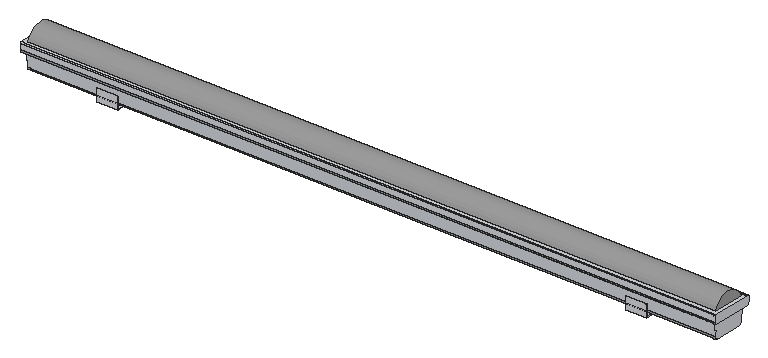
Revit family "0010274", category Lighting Fixtures, host Face, Revit 2017
Family settings
  Host = Face
  Round Connector Dimension = Use Diameter
  Part Type = Normal
  OmniClass Number = 23.80.70.00
  OmniClass Title = Lighting
  Cut with Voids When Loaded = No
  Light Source = Yes
  Shared = No
  Room Calculation Point = No
Parameters (values of type "0010274 RESISTO 1500 HE IP66 DALI 7100LM 840")
  Weight = "2.01 kg"
  Wattage Comments = ""
  Wattage = 46 W
  WarrantyStartDate [instance] = "n/a"
  WarrantyGuarantorParts = "n/a"
  WarrantyDurationUnit = "n/a"
  WarrantyDurationParts = "n/a"
  WarrantyDescription = "n/a"
  WIDTH_SYL = 44.5 mm
  built-in parameter 1150110 = 1 (stored number, unit not read)
  Voltage = 0 V
  URL = "http://www.sylvania-lighting.com"
  TypeName = "Resisto 1500 HE IP66 DALI 7100lm 840"
  Type Image = <None>
  Type Comments = "n/a"
  built-in parameter 1114217 = 1 (stored number, unit not read)
  Tilt Angle = -90.00°
  built-in parameter 1150109 = 1 (stored number, unit not read)
  built-in parameter 1150134 = 12
  TOP_WIDTH_SYL = 33.5 mm
  built-in parameter 1150113 = 1 (stored number, unit not read)
  SerialNumber [instance] = "n/a"
  Photometric Web File = "0010274.ies"
  Material_3_SYL = none
  PowerFactor = 0.98
  PowerConsumption = "46 W"
  NominalLength = 1500 mm
  NominalHeight = 80 mm
  NominalDepth = 87 mm
  Name = "Resisto 1500 HE IP66 DALI 7100lm 840"
  ModelReference = Name  # "Resisto 1500 HE IP66 DALI 7100lm 840"
  ModelNumber = "0010274"
  Model = Name  # "Resisto 1500 HE IP66 DALI 7100lm 840"
  Material = "pc polycarbonate housing, pc polycarbonate diffuser"
  ManufacturerName = "Feilo Sylvania"
  Manufacturer = "Feilo Sylvania"
  MID_WIDTH_SYL = 36 mm
  LuminousEfficacy = "154 lm/W"
  built-in parameter 1150105 = 2362.2 (stored number, unit not read)
  Lumens = 7084 lm
  LuminaireType = ""
  built-in parameter 1150115 = 1 (stored number, unit not read)
  LightOutputRatio = "n/a"
  built-in parameter 1150137 = (empty or 0)
  built-in parameter 1150139 = (empty or 0)
  LampsType = Lamp  # "LED"
  LampNominalLuminous = "7100 lm"
  LampMacAdamStep = "3"
  LampColourTemperature = "4000 K"
  LampColourRenderingIndex = "80"
  built-in parameter 1150112 = 1 (stored number, unit not read)
  built-in parameter 1150114 = 1 (stored number, unit not read)
  Lamp = "LED"
  LENGHT_SYL = if(L1500_SYL, 742 mm, if(L1200_SYL, 592 mm, 317 mm))  # 742 mm
  LENGHT_CHAMFER_SYL = if(L1500_SYL, 750 mm, if(L1200_SYL, 600 mm, 325 mm))  # 750 mm
  LENGHT_650_SYL = 325 mm
  LENGHT-_SYL = if(L1500_SYL, -742 mm, if(L1200_SYL, -592 mm, -317 mm))  # -742 mm
  LENGHT-_CHAMFER_SYL = if(L1500_SYL, -750 mm, if(L1200_SYL, -600 mm, -325 mm))  # -750 mm
  LEGHT_650-_SYL = -325 mm
  LEGHT_1500_SYL = 750 mm
  LEGHT_1500-_SYL = -750 mm
  LEGHT_1200_SYL = 600 mm
  LEGHT_1200-_SYL = -600 mm
  L0650_SYL = no
  L1500_SYL = yes
  L1200_SYL = no
  Keynote = "16500"
  InstallationDate [instance] = "n/a"
  InputVoltage = "n/a"
  InputNominalFrequency = "n/a"
  built-in parameter 1150132 = (empty or 0)
  built-in parameter 1150102 = (empty or 0)
  built-in parameter 1150107 = 4000 (stored number, unit not read)
  built-in parameter 1150138 = (empty or 0)
  IngressProtection = "IP66"
  ImpactProtectionIndex = "IK08"
  built-in parameter 1150106 = 23.622 (stored number, unit not read)
  IfcExportType = "IfcLightFixtureType"
  IfcExportAs = "IfcLightFixtureType"
  Emit from Circle Diameter = 609.6 mm
  Emit Shape Visible in Rendering = no
  ElectricShockClassification = "Class I"
  built-in parameter 1150104 = 14.307 (stored number, unit not read)
  DocumentationLiterature = "http://www.sylvania-lighting.com/product/en-int/products/0010274"
  DimmingControlOptions = "n/a"
  Material_2_SYL = none
  Dimming Lamp Color Temperature Shift = <None>
  Description = "Resisto, integrated LED weatherproof luminaire, with UV stabilized flat diffuser designed to achieve uniform lit appearance, optimise light output and to reduce glare. 301 stainless steel diffuser clips and fixing brackets for surface mounting. Polycarbonate housing and diffuser - no yellow discolouration over time. 7100lm; 46W; 154lm/W; 4000K; SDCM<3; DALI dimmable; CRI80; IP66; IK08; Class I; 69,000hrs (L80B20) lifespan; 1500mm x 89mm x 88mm; D-mark."
  Default Elevation = 1219.2 mm
  DIF_WIDHT_SYL = 35 mm
  DIF_HEIGHT_SYL = 24 mm
  CreatedOn = "3/10/2021"
  CreatedBy = "@sylvania-lighting.com"
  Cost = 0
  Color Filter = 16777215
  built-in parameter 1114216 [instance] = (empty or 0)
  ClassificationValue = "EF_70_80"
  ClassificationName = "Uniclass2015"
  Material_1_SYL = Default
  CHAMFER_SYL = 19 mm
  BarCode [instance] = "n/a"
  built-in parameter 1114218 = 1 (stored number, unit not read)
  BRACKET_WIDTH_SYL = BRACKET_DIST_SYL - 44 mm  # 550 mm
  BRACKET_HEIGHT_SYL = 9 mm
  BRACKET_DIST_SYL = LENGHT_CHAMFER_SYL - 156 mm  # 594 mm
  BODY_SYL = 36 mm
  built-in parameter 1150133 = 10 (stored number, unit not read)
  AssetType = "Fixed"
  AssetIdentifier [instance] = "n/a"
  Assembly Code = "D5020200"
  Apparent Load = 46 VA
  Material_4_SYL = none
Reference planes
  plane 1 "Center (Front/Back)": y = 0
  plane 2: z = 0
  plane 3 "Center (Left/Right)": x = 0
  plane 4: z = 9
  plane 5: z = 45
  plane 6: z = 64
  plane 7: z = 88
  plane 8: y = -44.5
  plane 9: y = 44.5
  plane 10: y = -35
  plane 11: y = 35
  plane 12: y = 33.5
  plane 13: y = -33.5
  plane 14: y = -36
  plane 15: y = 36
  plane 16: z = 1
Forms (mm)
  Extrusion 1, solid
    sketch origin (319, 1524, 1219.2) x (0, 1, 0) y (0, 0, 1)
      loop
        line (-1552.835, -1210.2) -> (-1495.165, -1210.2)
        arc (-1495.165, -1210.2) -> (-1491.754, -1208.856) -> (-1490.177, -1205.546) r 5
        line (-1490.177, -1205.546) -> (-1488.323, -1178.854) -> (-1488, -1174.2) -> (-1560, -1174.2) -> (-1559.677, -1178.854) -> (-1557.823, -1205.546)
        arc (-1557.823, -1205.546) -> (-1556.246, -1208.856) -> (-1552.835, -1210.2) r 5
    from -742 <- "LENGHT-_SYL" to 742 <- "LENGHT_SYL"
  Extrusion 2, solid, material "Default" <- "Material_1_SYL"
    sketch origin (319, 1524, 1219.2) x (0, 1, 0) y (0, 0, 1)
      loop
        arc (-1490.5, -1155.2) -> (-1524, -1131.2) -> (-1557.5, -1155.2) r 35.38
        line (-1557.5, -1155.2) -> (-1490.5, -1155.2)
    from -742 <- "LENGHT-_SYL" to 742 <- "LENGHT_SYL"
  Extrusion 3, solid
    sketch origin (319, 1524, 1219.2) x (0, 1, 0) y (0, 0, 1)
      loop
        line (-1481.5, -1155.2) -> (-1566.5, -1155.2)
        arc (-1566.5, -1155.2) -> (-1567.914, -1155.786) -> (-1568.5, -1157.2) r 2
        line (-1568.5, -1157.2) -> (-1568.5, -1169.2)
        arc (-1568.5, -1169.2) -> (-1567.036, -1172.736) -> (-1563.5, -1174.2) r 5
        line (-1563.5, -1174.2) -> (-1484.5, -1174.2)
        arc (-1484.5, -1174.2) -> (-1480.964, -1172.736) -> (-1479.5, -1169.2) r 5
        line (-1479.5, -1169.2) -> (-1479.5, -1157.2)
        arc (-1479.5, -1157.2) -> (-1480.086, -1155.786) -> (-1481.5, -1155.2) r 2
    from -750 <- "LENGHT-_CHAMFER_SYL" to 750 <- "LENGHT_CHAMFER_SYL"
  Extrusion 4, solid
    sketch origin (319, 1524, 1219.2) x (0, 1, 0) y (0, 0, 1)
      loop
        line (-1489, -1219.2) -> (-1489, -1192.216) -> (-1490.5, -1192.216) -> (-1490.5, -1218.2) -> (-1557.5, -1218.2) -> (-1557.5, -1192.172) -> (-1559, -1192.172) -> (-1559, -1219.2) -> (-1489, -1219.2)
    from 550 <- "BRACKET_WIDTH_SYL" to 594 <- "BRACKET_DIST_SYL"
  Extrusion 5, solid
    sketch origin (321, 1524, 1219.2) x (0, 1, 0) y (0, 0, -1)
      loop
        line (-1489, 1219.2) -> (-1559, 1219.2) -> (-1559, 1192.172) -> (-1557.5, 1192.172) -> (-1557.5, 1218.2) -> (-1490.5, 1218.2) -> (-1490.5, 1192.216) -> (-1489, 1192.216) -> (-1489, 1219.2)
    from 550 <- "BRACKET_WIDTH_SYL" to 594 <- "BRACKET_DIST_SYL"
Dimensions and locks
  "BRACKET_HEIGHT_SYL": plane 4 to host face
  "BODY_SYL": plane 4 to plane 5
  "CHAMFER_SYL": plane 5 to plane 6
  "DIF_HEIGHT_SYL": plane 6 to plane 7
  "WIDTH_SYL": plane 9 to plane 1 "Center (Front/Back)" to plane 8
  "DIF_WIDHT_SYL": plane 11 to plane 1 "Center (Front/Back)" to plane 10
  "TOP_WIDTH_SYL": plane 12 to plane 1 "Center (Front/Back)" to plane 13
  "MID_WIDTH_SYL": plane 15 to plane 1 "Center (Front/Back)" to plane 14
  aligned and locked: plane 2 to host face
  aligned and locked: level to host face
  aligned and locked: Extrusion 3 sketch curve to plane 6
  aligned and locked: Extrusion 3 sketch curve to plane 9
  aligned and locked: plane 5 to Extrusion 3 sketch curve
  aligned and locked: plane 8 to Extrusion 3 sketch curve
Automatic sketch dimensions
  host sketch curve to host sketch curve = 2438.4 mm  (x2)
  plane 5 to Extrusion 1 sketch curve = 0 mm
  Extrusion 1 sketch curve to plane 14 = 0 mm
  plane 4 to Extrusion 1 sketch curve = 0 mm
  Extrusion 1 sketch curve to plane 15 = 0 mm
  Extrusion 1 sketch curve to plane 14 = 0.323 mm
  plane 13 to Extrusion 1 sketch curve = 0.323 mm
  Extrusion 1 sketch curve to plane 13 = 4.665 mm
  plane 12 to Extrusion 1 sketch curve = 4.665 mm
  Extrusion 1 sketch curve to plane 12 = 0.323 mm
  plane 15 to Extrusion 1 sketch curve = 0.323 mm
  Extrusion 1 sketch curve to plane 4 = 4.654 mm  (x2)
  plane 5 to Extrusion 1 sketch curve = 4.654 mm  (x2)
  plane 6 to Extrusion 2 sketch curve = 0 mm
  Extrusion 2 sketch curve to plane 13 = 0 mm
  Extrusion 2 sketch curve to plane 1 "Center (Front/Back)" = 0 mm
  Extrusion 2 sketch curve to plane 5 = 7.62 mm
  Extrusion 3 sketch curve to plane 8 = 2 mm
  plane 14 to Extrusion 3 sketch curve = 3.5 mm
  Extrusion 3 sketch curve to plane 15 = 3.5 mm
  plane 6 to Extrusion 3 sketch curve = 2 mm
  Extrusion 4 sketch curve to level = 0 mm
  Extrusion 4 sketch curve to plane 10 = 0 mm
  Extrusion 4 sketch curve to plane 13 = 0 mm
  Extrusion 4 sketch curve to plane 12 = 0 mm
  Extrusion 4 sketch curve to plane 11 = 0 mm
  plane 16 to Extrusion 4 sketch curve = 0 mm
  Extrusion 4 sketch curve to plane 4 = 17.984 mm
  plane 5 to Extrusion 4 sketch curve = 17.972 mm
  Extrusion 5 sketch curve to level = 0 mm
  Extrusion 5 sketch curve to plane 10 = 0 mm
  Extrusion 5 sketch curve to plane 13 = 0 mm
  Extrusion 5 sketch curve to plane 12 = 0 mm
  Extrusion 5 sketch curve to plane 11 = 0 mm
  plane 16 to Extrusion 5 sketch curve = 0 mm
  Extrusion 5 sketch curve to plane 4 = 17.984 mm
  plane 5 to Extrusion 5 sketch curve = 17.972 mm
Connectors
  electrical at (-423, 0, 27)
    settings: on Extrusion 1, index 1, voltage 0 V, apparent load 0 VA, apparent load phase1 0 VA, apparent load phase2 0 VA, apparent load phase3 0 VA, power factor 1, load classification "Other", number of poles 1, system type 31, power factor state 1, is connector primary yes, connector utility no, sub classification motor no, connector description ""
Types (60, lengths in mm): name | Weight | Wattage | TypeName | built-in parameter 1150134 | Photometric Web File | PowerFactor | PowerConsumption | NominalLength | Name | ModelReference | ModelNumber | Model | LuminousEfficacy | built-in parameter 1150105 | Lumens | LampNominalLuminous | LampMacAdamStep | LampColourTemperature | LENGHT_SYL | LENGHT_CHAMFER_SYL | LENGHT-_SYL | LENGHT-_CHAMFER_SYL | L0650_SYL | L1500_SYL | L1200_SYL | built-in parameter 1150107 | built-in parameter 1150106 | built-in parameter 1150104 | DocumentationLiterature | Description | BRACKET_WIDTH_SYL | BRACKET_DIST_SYL | Apparent Load
  0010278 RESISTO 1500 HE IP66 8300LM 840 | "1.95 kg" | 54 W | "Resisto 1500 HE IP66 8300lm 840" | 12 | "0010278.ies" | 0.95 | "54 W" | 1500 | "Resisto 1500 HE IP66 8300lm 840" | "Resisto 1500 HE IP66 8300lm 840" | "0010278" | "Resisto 1500 HE IP66 8300lm 840" | "154 lm/W" | 2674.3 (stored number, unit not read) | 8316 lm | "8300 lm" | "3" | "4000 K" | 742 | 750 | -742 | -750 | no | yes | no | 4000 (stored number, unit not read) | 26.743 (stored number, unit not read) | 14.307 (stored number, unit not read) | "http://www.sylvania-lighting.com/product/en-int/products/0010278" | "Resisto, integrated LED weatherproof luminaire, with UV stabilized flat diffuser designed to achieve uniform lit appearance, optimise light output and to reduce glare. 301 stainless steel diffuser clips and fixing brackets for surface mounting. Polycarbonate housing and diffuser - no yellow discolouration over time. 8300lm; 54W; 154lm/W; 4000K; SDCM<3; non dimmable; CRI80; IP66; IK08; Class I; 69,000hrs (L80B20) lifespan; 1500mm x 89mm x 88mm; D-mark." | 550 | 594 | 54 VA
  0010274 RESISTO 1500 HE IP66 DALI 7100LM 840 | "2.01 kg" | 46 W | "Resisto 1500 HE IP66 DALI 7100lm 840" | 12 | "0010274.ies" | 0.98 | "46 W" | 1500 | "Resisto 1500 HE IP66 DALI 7100lm 840" | "Resisto 1500 HE IP66 DALI 7100lm 840" | "0010274" | "Resisto 1500 HE IP66 DALI 7100lm 840" | "154 lm/W" | 2362.2 (stored number, unit not read) | 7084 lm | "7100 lm" | "3" | "4000 K" | 742 | 750 | -742 | -750 | no | yes | no | 4000 (stored number, unit not read) | 23.622 (stored number, unit not read) | 14.307 (stored number, unit not read) | "http://www.sylvania-lighting.com/product/en-int/products/0010274" | "Resisto, integrated LED weatherproof luminaire, with UV stabilized flat diffuser designed to achieve uniform lit appearance, optimise light output and to reduce glare. 301 stainless steel diffuser clips and fixing brackets for surface mounting. Polycarbonate housing and diffuser - no yellow discolouration over time. 7100lm; 46W; 154lm/W; 4000K; SDCM<3; DALI dimmable; CRI80; IP66; IK08; Class I; 69,000hrs (L80B20) lifespan; 1500mm x 89mm x 88mm; D-mark." | 550 | 594 | 46 VA
  0010273 RESISTO 1500 HE IP66 DALI 4000LM 840 | "1.95 kg" | 25 W | "Resisto 1500 HE IP66 DALI 4000lm 840" | 12 | "0010273.ies" | 0.98 | "25 W" | 1500 | "Resisto 1500 HE IP66 DALI 4000lm 840" | "Resisto 1500 HE IP66 DALI 4000lm 840" | "0010273" | "Resisto 1500 HE IP66 DALI 4000lm 840" | "160 lm/W" | 1286.3 (stored number, unit not read) | 4000 lm | "4000 lm" | "3" | "4000 K" | 742 | 750 | -742 | -750 | no | yes | no | 4000 (stored number, unit not read) | 12.863 (stored number, unit not read) | 14.864 (stored number, unit not read) | "http://www.sylvania-lighting.com/product/en-int/products/0010273" | "Resisto, integrated LED weatherproof luminaire, with UV stabilized flat diffuser designed to achieve uniform lit appearance, optimise light output and to reduce glare. 301 stainless steel diffuser clips and fixing brackets for surface mounting. Polycarbonate housing and diffuser - no yellow discolouration over time. 4000lm; 25W; 160lm/W; 4000K; SDCM<3; DALI dimmable; CRI80; IP66; IK08; Class I; 69,000hrs (L80B20) lifespan; 1500mm x 89mm x 88mm; D-mark." | 550 | 594 | 25 VA
  0010272 RESISTO 1500 HE IP66 7100LM 840 EM | "2.58 kg" | 50 W | "Resisto 1500 HE IP66 7100lm 840 EM" | 12 | "0010272.ies" | 0.95 | "50 W" | 1500 | "Resisto 1500 HE IP66 7100lm 840 EM" | "Resisto 1500 HE IP66 7100lm 840 EM" | "0010272" | "Resisto 1500 HE IP66 7100lm 840 EM" | "142 lm/W" | 2367.5 (stored number, unit not read) | 7100 lm | "7100 lm" | "3" | "4000 K" | 742 | 750 | -742 | -750 | no | yes | no | 4000 (stored number, unit not read) | 23.675 (stored number, unit not read) | 13.192 (stored number, unit not read) | "http://www.sylvania-lighting.com/product/en-int/products/0010272" | "Resisto, integrated LED weatherproof luminaire, with UV stabilized flat diffuser designed to achieve uniform lit appearance, optimise light output and to reduce glare. 301 stainless steel diffuser clips and fixing brackets for surface mounting. Polycarbonate housing and diffuser - no yellow discolouration over time. 7100lm; 50W; 142lm/W; 4000K; SDCM<3; non dimmable; CRI80; IP66; IK08; Class I; 69,000hrs (L80B20) lifespan; 1500mm x 89mm x 88mm; D-mark; 3-hour maintained emergency batteries." | 550 | 594 | 50 VA
  0010271 RESISTO 1500 HE IP66 4000LM 840 EM | "2.51 kg" | 29 W | "Resisto 1500 HE IP66 4000lm 840 EM" | 12 | "0010271.ies" | 0.95 | "29 W" | 1500 | "Resisto 1500 HE IP66 4000lm 840 EM" | "Resisto 1500 HE IP66 4000lm 840 EM" | "0010271" | "Resisto 1500 HE IP66 4000lm 840 EM" | "138 lm/W" | 1287 (stored number, unit not read) | 4002 lm | "4000 lm" | "3" | "4000 K" | 742 | 750 | -742 | -750 | no | yes | no | 4000 (stored number, unit not read) | 12.87 (stored number, unit not read) | 12.821 (stored number, unit not read) | "http://www.sylvania-lighting.com/product/en-int/products/0010271" | "Resisto, integrated LED weatherproof luminaire, with UV stabilized flat diffuser designed to achieve uniform lit appearance, optimise light output and to reduce glare. 301 stainless steel diffuser clips and fixing brackets for surface mounting. Polycarbonate housing and diffuser - no yellow discolouration over time. 4000lm; 29W; 138lm/W; 4000K; SDCM<3; non dimmable; CRI80; IP66; IK08; Class I; 69,000hrs (L80B20) lifespan; 1500mm x 89mm x 88mm; D-mark; 3-hour maintained emergency batteries." | 550 | 594 | 29 VA
  0010269 RESISTO 1500 HE IP66 7100LM 840 | "1.95 kg" | 46 W | "Resisto  1500 HE IP66 7100lm 840" | 12 | "0010269.ies" | 0.95 | "46 W" | 1500 | "Resisto  1500 HE IP66 7100lm 840" | "Resisto  1500 HE IP66 7100lm 840" | "0010269" | "Resisto  1500 HE IP66 7100lm 840" | "154 lm/W" | 2362.2 (stored number, unit not read) | 7084 lm | "7100 lm" | "3" | "4000 K" | 742 | 750 | -742 | -750 | no | yes | no | 4000 (stored number, unit not read) | 23.622 (stored number, unit not read) | 14.307 (stored number, unit not read) | "http://www.sylvania-lighting.com/product/en-int/products/0010269" | "Resisto, integrated LED weatherproof luminaire, with UV stabilized flat diffuser designed to achieve uniform lit appearance, optimise light output and to reduce glare. 301 stainless steel diffuser clips and fixing brackets for surface mounting. Polycarbonate housing and diffuser - no yellow discolouration over time. 7100lm; 46W; 154lm/W; 4000K; SDCM<3; non dimmable; CRI80; IP66; IK08; Class I; 69,000hrs (L80B20) lifespan; 1500mm x 89mm x 88mm; D-mark." | 550 | 594 | 46 VA
  0010268 RESISTO 1500 HE IP66 4000LM 840 | "1.87 kg" | 25 W | "Resisto  1500 HE IP66 4000lm 840" | 12 | "0010268.ies" | 0.95 | "25 W" | 1500 | "Resisto  1500 HE IP66 4000lm 840" | "Resisto  1500 HE IP66 4000lm 840" | "0010268" | "Resisto  1500 HE IP66 4000lm 840" | "160 lm/W" | 1286.3 (stored number, unit not read) | 4000 lm | "4000 lm" | "3" | "4000 K" | 742 | 750 | -742 | -750 | no | yes | no | 4000 (stored number, unit not read) | 12.863 (stored number, unit not read) | 14.864 (stored number, unit not read) | "http://www.sylvania-lighting.com/product/en-int/products/0010268" | "Resisto, integrated LED weatherproof luminaire, with UV stabilized flat diffuser designed to achieve uniform lit appearance, optimise light output and to reduce glare. 301 stainless steel diffuser clips and fixing brackets for surface mounting. Polycarbonate housing and diffuser - no yellow discolouration over time. 4000lm; 25W; 160lm/W; 4000K; SDCM<3; non dimmable; CRI80; IP66; IK08; Class I; 69,000hrs (L80B20) lifespan; 1500mm x 89mm x 88mm; D-mark." | 550 | 594 | 25 VA
  0010261 RESISTO 1500 IP66 DALI 8300LM 840 | "2.01 kg" | 61 W | "Resisto  1500 IP66 DALI 8300lm 840" | 12 | "0010261.ies" | 0.99 | "61 W" | 1500 | "Resisto  1500 IP66 DALI 8300lm 840" | "Resisto  1500 IP66 DALI 8300lm 840" | "0010261" | "Resisto  1500 IP66 DALI 8300lm 840" | "136 lm/W" | 2792.8 (stored number, unit not read) | 8296 lm | "8300 lm" | "5" | "4000 K" | 742 | 750 | -742 | -750 | no | yes | no | 4000 (stored number, unit not read) | 27.928 (stored number, unit not read) | 12.635 (stored number, unit not read) | "http://www.sylvania-lighting.com/product/en-int/products/0010261" | "Resisto, integrated LED weatherproof luminaire, with UV stabilized flat diffuser designed to achieve uniform lit appearance, optimise light output and to reduce glare. 301 stainless steel diffuser clips and fixing brackets for surface mounting. Polycarbonate housing and diffuser - no yellow discolouration over time. 8300lm; 61W; 136lm/W; 4000K; SDCM<5; DALI dimmable; CRI80; IP66; IK08; Class I; 69,000hrs (L80B20) lifespan; 1500mm x 89mm x 88mm; D-mark." | 550 | 594 | 61 VA
  0010260 RESISTO 1500 IP66 DALI 7100LM 840 | "2.01 kg" | 52 W | "Resisto  1500 IP66 DALI 7100lm 840" | 12 | "0010260.ies" | 0.99 | "52 W" | 1500 | "Resisto  1500 IP66 DALI 7100lm 840" | "Resisto  1500 IP66 DALI 7100lm 840" | "0010260" | "Resisto  1500 IP66 DALI 7100lm 840" | "137 lm/W" | 2375.5 (stored number, unit not read) | 7124 lm | "7100 lm" | "5" | "4000 K" | 742 | 750 | -742 | -750 | no | yes | no | 4000 (stored number, unit not read) | 23.755 (stored number, unit not read) | 12.728 (stored number, unit not read) | "http://www.sylvania-lighting.com/product/en-int/products/0010260" | "Resisto, integrated LED weatherproof luminaire, with UV stabilized flat diffuser designed to achieve uniform lit appearance, optimise light output and to reduce glare. 301 stainless steel diffuser clips and fixing brackets for surface mounting. Polycarbonate housing and diffuser - no yellow discolouration over time. 7100lm; 52W; 137lm/W; 4000K; SDCM<5; DALI dimmable; CRI80; IP66; IK08; Class I; 69,000hrs (L80B20) lifespan; 1500mm x 89mm x 88mm; D-mark." | 550 | 594 | 52 VA
  0010259 RESISTO 1500 IP66 DALI 4000LM 840 | "1.95 kg" | 30 W | "Resisto  1500 IP66 DALI 4000lm 840" | 12 | "0010259.ies" | 0.98 | "30 W" | 1500 | "Resisto  1500 IP66 DALI 4000lm 840" | "Resisto  1500 IP66 DALI 4000lm 840" | "0010259" | "Resisto  1500 IP66 DALI 4000lm 840" | "133 lm/W" | 1283.1 (stored number, unit not read) | 3990 lm | "4000 lm" | "5" | "4000 K" | 742 | 750 | -742 | -750 | no | yes | no | 4000 (stored number, unit not read) | 12.831 (stored number, unit not read) | 12.356 (stored number, unit not read) | "http://www.sylvania-lighting.com/product/en-int/products/0010259" | "Resisto, integrated LED weatherproof luminaire, with UV stabilized flat diffuser designed to achieve uniform lit appearance, optimise light output and to reduce glare. 301 stainless steel diffuser clips and fixing brackets for surface mounting. Polycarbonate housing and diffuser - no yellow discolouration over time. 4000lm; 30W; 133lm/W; 4000K; SDCM<5; DALI dimmable; CRI80; IP66; IK08; Class I; 69,000hrs (L80B20) lifespan; 1500mm x 89mm x 88mm; D-mark." | 550 | 594 | 30 VA
  0010258 RESISTO 1500 IP66 MWCOR 7100LM 840 | "2.06 kg" | 52 W | "Resisto  1500 IP66 MWcor 7100lm 840" | 12 | "0010258.ies" | 0.99 | "52 W" | 1500 | "Resisto  1500 IP66 MWcor 7100lm 840" | "Resisto  1500 IP66 MWcor 7100lm 840" | "0010258" | "Resisto  1500 IP66 MWcor 7100lm 840" | "137 lm/W" | 2375.5 (stored number, unit not read) | 7124 lm | "7100 lm" | "5" | "4000 K" | 742 | 750 | -742 | -750 | no | yes | no | 4000 (stored number, unit not read) | 23.755 (stored number, unit not read) | 12.728 (stored number, unit not read) | "http://www.sylvania-lighting.com/product/en-int/products/0010258" | "Resisto, integrated LED weatherproof luminaire, with UV stabilized flat diffuser designed to achieve uniform lit appearance, optimise light output and to reduce glare. 301 stainless steel diffuser clips and fixing brackets for surface mounting. Polycarbonate housing and diffuser - no yellow discolouration over time. 7100lm; 52W; 137lm/W; 4000K; SDCM<5; non dimmable; CRI80; IP66; IK08; Class I; 69,000hrs (L80B20) lifespan; 1500mm x 89mm x 88mm; D-mark; corridor function with microwave presence sensor." | 550 | 594 | 52 VA
  0010257 RESISTO 1500 IP66 MWCOR 4000LM 840 | "2.0 kg" | 30 W | "Resisto  1500 IP66 MWcor 4000lm 840" | 12 | "0010257.ies" | 0.98 | "30 W" | 1500 | "Resisto  1500 IP66 MWcor 4000lm 840" | "Resisto  1500 IP66 MWcor 4000lm 840" | "0010257" | "Resisto  1500 IP66 MWcor 4000lm 840" | "133 lm/W" | 1283.1 (stored number, unit not read) | 3990 lm | "4000 lm" | "5" | "4000 K" | 742 | 750 | -742 | -750 | no | yes | no | 4000 (stored number, unit not read) | 12.831 (stored number, unit not read) | 12.356 (stored number, unit not read) | "http://www.sylvania-lighting.com/product/en-int/products/0010257" | "Resisto, integrated LED weatherproof luminaire, with UV stabilized flat diffuser designed to achieve uniform lit appearance, optimise light output and to reduce glare. 301 stainless steel diffuser clips and fixing brackets for surface mounting. Polycarbonate housing and diffuser - no yellow discolouration over time. 4000lm; 30W; 133lm/W; 4000K; SDCM<5; non dimmable; CRI80; IP66; IK08; Class I; 69,000hrs (L80B20) lifespan; 1500mm x 89mm x 88mm; D-mark; corridor function with microwave presence sensor." | 550 | 594 | 30 VA
  0010256 RESISTO 1500 IP66 MW 7100LM 840 | "2.0 kg" | 52 W | "Resisto  1500 IP66 MW 7100lm 840" | 12 | "0010256.ies" | 0.95 | "52 W" | 1500 | "Resisto  1500 IP66 MW 7100lm 840" | "Resisto  1500 IP66 MW 7100lm 840" | "0010256" | "Resisto  1500 IP66 MW 7100lm 840" | "137 lm/W" | 2375.5 (stored number, unit not read) | 7124 lm | "7100 lm" | "5" | "4000 K" | 742 | 750 | -742 | -750 | no | yes | no | 4000 (stored number, unit not read) | 23.755 (stored number, unit not read) | 12.728 (stored number, unit not read) | "http://www.sylvania-lighting.com/product/en-int/products/0010256" | "Resisto, integrated LED weatherproof luminaire, with UV stabilized flat diffuser designed to achieve uniform lit appearance, optimise light output and to reduce glare. 301 stainless steel diffuser clips and fixing brackets for surface mounting. Polycarbonate housing and diffuser - no yellow discolouration over time. 7100lm; 52W; 137lm/W; 4000K; SDCM<5; non dimmable; CRI80; IP66; IK08; Class I; 69,000hrs (L80B20) lifespan; 1500mm x 89mm x 88mm; D-mark; MW On/Off." | 550 | 594 | 52 VA
  0010255 RESISTO 1500 IP66 MW 4000LM 840 | "1.92 kg" | 30 W | "Resisto  1500 IP66 MW 4000lm 840" | 12 | "0010255.ies" | 0.95 | "30 W" | 1500 | "Resisto  1500 IP66 MW 4000lm 840" | "Resisto  1500 IP66 MW 4000lm 840" | "0010255" | "Resisto  1500 IP66 MW 4000lm 840" | "133 lm/W" | 1283.1 (stored number, unit not read) | 3990 lm | "4000 lm" | "5" | "4000 K" | 742 | 750 | -742 | -750 | no | yes | no | 4000 (stored number, unit not read) | 12.831 (stored number, unit not read) | 12.356 (stored number, unit not read) | "http://www.sylvania-lighting.com/product/en-int/products/0010255" | "Resisto, integrated LED weatherproof luminaire, with UV stabilized flat diffuser designed to achieve uniform lit appearance, optimise light output and to reduce glare. 301 stainless steel diffuser clips and fixing brackets for surface mounting. Polycarbonate housing and diffuser - no yellow discolouration over time. 4000lm; 30W; 133lm/W; 4000K; SDCM<5; non dimmable; CRI80; IP66; IK08; Class I; 69,000hrs (L80B20) lifespan; 1500mm x 89mm x 88mm; D-mark; MW On/Off." | 550 | 594 | 30 VA
  0010254 RESISTO 1500 IP66 7100LM 840 EM | "2.59 kg" | 56 W | "Resisto  1500 IP66 7100lm 840 EM" | 12 | "0010254.ies" | 0.95 | "56 W" | 1500 | "Resisto  1500 IP66 7100lm 840 EM" | "Resisto  1500 IP66 7100lm 840 EM" | "0010254" | "Resisto  1500 IP66 7100lm 840 EM" | "127 lm/W" | 2371.5 (stored number, unit not read) | 7112 lm | "7100 lm" | "5" | "4000 K" | 742 | 750 | -742 | -750 | no | yes | no | 4000 (stored number, unit not read) | 23.715 (stored number, unit not read) | 11.799 (stored number, unit not read) | "http://www.sylvania-lighting.com/product/en-int/products/0010254" | "Resisto, integrated LED weatherproof luminaire, with UV stabilized flat diffuser designed to achieve uniform lit appearance, optimise light output and to reduce glare. 301 stainless steel diffuser clips and fixing brackets for surface mounting. Polycarbonate housing and diffuser - no yellow discolouration over time. 7100lm; 56W; 127lm/W; 4000K; SDCM<5; non dimmable; CRI80; IP66; IK08; Class I; 69,000hrs (L80B20) lifespan; 1500mm x 89mm x 88mm; D-mark; 3-hour maintained emergency batteries." | 550 | 594 | 56 VA
  0010253 RESISTO 1500 IP66 4000LM 840 EM | "2.5 kg" | 34 W | "Resisto  1500 IP66 4000lm 840 EM" | 12 | "0010253.ies" | 0.95 | "34 W" | 1500 | "Resisto  1500 IP66 4000lm 840 EM" | "Resisto  1500 IP66 4000lm 840 EM" | "0010253" | "Resisto  1500 IP66 4000lm 840 EM" | "118 lm/W" | 1290.2 (stored number, unit not read) | 4012 lm | "4000 lm" | "5" | "4000 K" | 742 | 750 | -742 | -750 | no | yes | no | 4000 (stored number, unit not read) | 12.902 (stored number, unit not read) | 10.963 (stored number, unit not read) | "http://www.sylvania-lighting.com/product/en-int/products/0010253" | "Resisto, integrated LED weatherproof luminaire, with UV stabilized flat diffuser designed to achieve uniform lit appearance, optimise light output and to reduce glare. 301 stainless steel diffuser clips and fixing brackets for surface mounting. Polycarbonate housing and diffuser - no yellow discolouration over time. 4000lm; 34W; 118lm/W; 4000K; SDCM<5; non dimmable; CRI80; IP66; IK08; Class I; 69,000hrs (L80B20) lifespan; 1500mm x 89mm x 88mm; D-mark; 3-hour maintained emergency batteries." | 550 | 594 | 34 VA
  0010252 RESISTO 1500 IP66 7100LM 840 5XTH | "2.18 kg" | 52 W | "Resisto 1500 IP66 7100lm 840 5xTH" | 12 | "0010252.ies" | 0.95 | "52 W" | 1500 | "Resisto 1500 IP66 7100lm 840 5xTH" | "Resisto 1500 IP66 7100lm 840 5xTH" | "0010252" | "Resisto 1500 IP66 7100lm 840 5xTH" | "137 lm/W" | 2375.5 (stored number, unit not read) | 7124 lm | "7100 lm" | "5" | "4000 K" | 742 | 750 | -742 | -750 | no | yes | no | 4000 (stored number, unit not read) | 23.755 (stored number, unit not read) | 12.728 (stored number, unit not read) | "http://www.sylvania-lighting.com/product/en-int/products/0010252" | "Resisto, integrated LED weatherproof luminaire, with UV stabilized flat diffuser designed to achieve uniform lit appearance, optimise light output and to reduce glare. 301 stainless steel diffuser clips and fixing brackets for surface mounting. Polycarbonate housing and diffuser - no yellow discolouration over time. 7100lm; 52W; 137lm/W; 4000K; SDCM<5; non dimmable; CRI80; IP66; IK08; Class I; 69,000hrs (L80B20) lifespan; 1500mm x 89mm x 88mm; D-mark; through wiring." | 550 | 594 | 52 VA
  0010251 RESISTO 1500 IP66 4000LM 840 5XTH | "2.1 kg" | 30 W | "Resisto 1500 IP66 4000lm 840 5xTH" | 12 | "0010251.ies" | 0.95 | "30 W" | 1500 | "Resisto 1500 IP66 4000lm 840 5xTH" | "Resisto 1500 IP66 4000lm 840 5xTH" | "0010251" | "Resisto 1500 IP66 4000lm 840 5xTH" | "133 lm/W" | 1283.1 (stored number, unit not read) | 3990 lm | "4000 lm" | "5" | "4000 K" | 742 | 750 | -742 | -750 | no | yes | no | 4000 (stored number, unit not read) | 12.831 (stored number, unit not read) | 12.356 (stored number, unit not read) | "http://www.sylvania-lighting.com/product/en-int/products/0010251" | "Resisto, integrated LED weatherproof luminaire, with UV stabilized flat diffuser designed to achieve uniform lit appearance, optimise light output and to reduce glare. 301 stainless steel diffuser clips and fixing brackets for surface mounting. Polycarbonate housing and diffuser - no yellow discolouration over time. 4000lm; 30W; 133lm/W; 4000K; SDCM<5; non dimmable; CRI80; IP66; IK08; Class I; 69,000hrs (L80B20) lifespan; 1500mm x 89mm x 88mm; D-mark; through wiring." | 550 | 594 | 30 VA
  0010250 RESISTO 1500 IP66 7100LM 840 QC | "2.02 kg" | 52 W | "Resisto  1500 IP66 7100lm 840 QC" | 12 | "0010250.ies" | 0.95 | "52 W" | 1512 | "Resisto  1500 IP66 7100lm 840 QC" | "Resisto  1500 IP66 7100lm 840 QC" | "0010250" | "Resisto  1500 IP66 7100lm 840 QC" | "137 lm/W" | 2375.5 (stored number, unit not read) | 7124 lm | "7100 lm" | "5" | "4000 K" | 742 | 750 | -742 | -750 | no | yes | no | 4000 (stored number, unit not read) | 23.755 (stored number, unit not read) | 12.728 (stored number, unit not read) | "http://www.sylvania-lighting.com/product/en-int/products/0010250" | "Resisto, integrated LED weatherproof luminaire, with UV stabilized flat diffuser designed to achieve uniform lit appearance, optimise light output and to reduce glare. 301 stainless steel diffuser clips and fixing brackets for surface mounting. Polycarbonate housing and diffuser - no yellow discolouration over time. 7100lm; 52W; 137lm/W; 4000K; SDCM<5; non dimmable; CRI80; IP66; IK08; Class I; 69,000hrs (L80B20) lifespan; 1500mm x 89mm x 88mm; D-mark; assembled with quick connector." | 550 | 594 | 52 VA
  0010249 RESISTO 1500 IP66 4000LM 840 QC | "1.94 kg" | 30 W | "Resisto  1500 IP66 4000lm 840 QC" | 12 | "0010249.ies" | 0.95 | "30 W" | 1512 | "Resisto  1500 IP66 4000lm 840 QC" | "Resisto  1500 IP66 4000lm 840 QC" | "0010249" | "Resisto  1500 IP66 4000lm 840 QC" | "133 lm/W" | 1283.1 (stored number, unit not read) | 3990 lm | "4000 lm" | "5" | "4000 K" | 742 | 750 | -742 | -750 | no | yes | no | 4000 (stored number, unit not read) | 12.831 (stored number, unit not read) | 12.356 (stored number, unit not read) | "http://www.sylvania-lighting.com/product/en-int/products/0010249" | "Resisto, integrated LED weatherproof luminaire, with UV stabilized flat diffuser designed to achieve uniform lit appearance, optimise light output and to reduce glare. 301 stainless steel diffuser clips and fixing brackets for surface mounting. Polycarbonate housing and diffuser - no yellow discolouration over time. 4000lm; 30W; 133lm/W; 4000K; SDCM<5; non dimmable; CRI80; IP66; IK08; Class I; 69,000hrs (L80B20) lifespan; 1500mm x 89mm x 88mm; D-mark; assembled with quick connector." | 550 | 594 | 30 VA
  0010248 RESISTO 1500 IP66 8300LM 865 | "1.95 kg" | 61 W | "Resisto  1500 IP66 8300lm 865" | 1 | "0010248.ies" | 0.95 | "61 W" | 1500 | "Resisto  1500 IP66 8300lm 865" | "Resisto  1500 IP66 8300lm 865" | "0010248" | "Resisto  1500 IP66 8300lm 865" | "136 lm/W" | 2792.8 (stored number, unit not read) | 8296 lm | "8300 lm" | "5" | "6500 K" | 742 | 750 | -742 | -750 | no | yes | no | 6500 (stored number, unit not read) | 27.928 (stored number, unit not read) | 12.635 (stored number, unit not read) | "http://www.sylvania-lighting.com/product/en-int/products/0010248" | "Resisto, integrated LED weatherproof luminaire, with UV stabilized flat diffuser designed to achieve uniform lit appearance, optimise light output and to reduce glare. 301 stainless steel diffuser clips and fixing brackets for surface mounting. Polycarbonate housing and diffuser - no yellow discolouration over time. 8300lm; 61W; 136lm/W; 6500K; SDCM<5; non dimmable; CRI80; IP66; IK08; Class I; 69,000hrs (L80B20) lifespan; 1500mm x 89mm x 88mm; D-mark." | 550 | 594 | 61 VA
  0010247 RESISTO 1500 IP66 7100LM 865 | "1.95 kg" | 52 W | "Resisto  1500 IP66 7100lm 865" | 1 | "0010247.ies" | 0.95 | "52 W" | 1500 | "Resisto  1500 IP66 7100lm 865" | "Resisto  1500 IP66 7100lm 865" | "0010247" | "Resisto  1500 IP66 7100lm 865" | "137 lm/W" | 2375.5 (stored number, unit not read) | 7124 lm | "7100 lm" | "5" | "6500 K" | 742 | 750 | -742 | -750 | no | yes | no | 6500 (stored number, unit not read) | 23.755 (stored number, unit not read) | 12.728 (stored number, unit not read) | "http://www.sylvania-lighting.com/product/en-int/products/0010247" | "Resisto, integrated LED weatherproof luminaire, with UV stabilized flat diffuser designed to achieve uniform lit appearance, optimise light output and to reduce glare. 301 stainless steel diffuser clips and fixing brackets for surface mounting. Polycarbonate housing and diffuser - no yellow discolouration over time. 7100lm; 52W; 137lm/W; 6500K; SDCM<5; non dimmable; CRI80; IP66; IK08; Class I; 69,000hrs (L80B20) lifespan; 1500mm x 89mm x 88mm; D-mark." | 550 | 594 | 52 VA
  0010246 RESISTO 1500 IP66 4000LM 865 | "1.87 kg" | 30 W | "Resisto  1500 IP66 4000lm 865" | 1 | "0010246.ies" | 0.95 | "30 W" | 1500 | "Resisto  1500 IP66 4000lm 865" | "Resisto  1500 IP66 4000lm 865" | "0010246" | "Resisto  1500 IP66 4000lm 865" | "133 lm/W" | 1283.1 (stored number, unit not read) | 3990 lm | "4000 lm" | "5" | "6500 K" | 742 | 750 | -742 | -750 | no | yes | no | 6500 (stored number, unit not read) | 12.831 (stored number, unit not read) | 12.356 (stored number, unit not read) | "http://www.sylvania-lighting.com/product/en-int/products/0010246" | "Resisto, integrated LED weatherproof luminaire, with UV stabilized flat diffuser designed to achieve uniform lit appearance, optimise light output and to reduce glare. 301 stainless steel diffuser clips and fixing brackets for surface mounting. Polycarbonate housing and diffuser - no yellow discolouration over time. 4000lm; 30W; 133lm/W; 6500K; SDCM<5; non dimmable; CRI80; IP66; IK08; Class I; 69,000hrs (L80B20) lifespan; 1500mm x 89mm x 88mm; D-mark." | 550 | 594 | 30 VA
  0010245 RESISTO 1500 IP66 8300LM 840 | "15.48 kg" | 61 W | "Resisto  1500 IP66 8300lm 840" | 12 | "0010245.ies" | 0.95 | "61.0 W" | 1500 | "Resisto  1500 IP66 8300lm 840" | "Resisto  1500 IP66 8300lm 840" | "0010245" | "Resisto  1500 IP66 8300lm 840" | "136 lm/W" | -23179853.6 (stored number, unit not read) | 8296 lm | "8300 lm" | "5" | "4000 K" | 742 | 750 | -742 | -750 | no | yes | no | 4000 (stored number, unit not read) | -231798.5 (stored number, unit not read) | 12.635 (stored number, unit not read) | "http://www.sylvania-lighting.com/product/en-int/products/0010245" | "Resisto, integrated LED weatherproof luminaire, with UV stabilized flat diffuser designed to achieve uniform lit appearance, optimise light output and to reduce glare. 301 stainless steel diffuser clips and fixing brackets for surface mounting. Polycarbonate housing and diffuser - no yellow discolouration over time. 8300lm; 61W; 136lm/W; 4000K; SDCM<5; non dimmable; CRI80; IP66; IK08; Class I; 69,000hrs (L80B20) lifespan; 1500mm x 89mm x 88mm; D-mark." | 550 | 594 | 61 VA
  0010244 RESISTO 1500 IP66 7100LM 840 | "15.48 kg" | 52 W | "Resisto  1500 IP66 7100lm 840" | 12 | "0010244.ies" | 0.95 | "52.0 W" | 1500 | "Resisto  1500 IP66 7100lm 840" | "Resisto  1500 IP66 7100lm 840" | "0010244" | "Resisto  1500 IP66 7100lm 840" | "137 lm/W" | -16865856.3 (stored number, unit not read) | 7124 lm | "7100 lm" | "5" | "4000 K" | 742 | 750 | -742 | -750 | no | yes | no | 4000 (stored number, unit not read) | -168658.6 (stored number, unit not read) | 12.728 (stored number, unit not read) | "http://www.sylvania-lighting.com/product/en-int/products/0010244" | "Resisto, integrated LED weatherproof luminaire, with UV stabilized flat diffuser designed to achieve uniform lit appearance, optimise light output and to reduce glare. 301 stainless steel diffuser clips and fixing brackets for surface mounting. Polycarbonate housing and diffuser - no yellow discolouration over time. 7100lm; 52W; 137lm/W; 4000K; SDCM<5; non dimmable; CRI80; IP66; IK08; Class I; 69,000hrs (L80B20) lifespan; 1500mm x 89mm x 88mm; D-mark." | 550 | 594 | 52 VA
  0010243 RESISTO 1500 IP66 4000LM 840 | "1.87 kg" | 30 W | "Resisto  1500 IP66 4000lm 840" | 12 | "0010243.ies" | 0.95 | "30 W" | 1500 | "Resisto  1500 IP66 4000lm 840" | "Resisto  1500 IP66 4000lm 840" | "0010243" | "Resisto  1500 IP66 4000lm 840" | "133 lm/W" | 1283.1 (stored number, unit not read) | 3990 lm | "4000 lm" | "5" | "4000 K" | 742 | 750 | -742 | -750 | no | yes | no | 4000 (stored number, unit not read) | 12.831 (stored number, unit not read) | 12.356 (stored number, unit not read) | "http://www.sylvania-lighting.com/product/en-int/products/0010243" | "Resisto, integrated LED weatherproof luminaire, with UV stabilized flat diffuser designed to achieve uniform lit appearance, optimise light output and to reduce glare. 301 stainless steel diffuser clips and fixing brackets for surface mounting. Polycarbonate housing and diffuser - no yellow discolouration over time. 4000lm; 30W; 133lm/W; 4000K; SDCM<5; non dimmable; CRI80; IP66; IK08; Class I; 69,000hrs (L80B20) lifespan; 1500mm x 89mm x 88mm; D-mark." | 550 | 594 | 30 VA
  0010242 RESISTO 1500 IP66 8300LM 830 | "1.95 kg" | 61 W | "Resisto  1500 IP66 8300lm 830" | (empty or 0) | "0010242.ies" | 0.95 | "61 W" | 1500 | "Resisto  1500 IP66 8300lm 830" | "Resisto  1500 IP66 8300lm 830" | "0010242" | "Resisto  1500 IP66 8300lm 830" | "136 lm/W" | 2792.8 (stored number, unit not read) | 8296 lm | "8300 lm" | "5" | "3000 K" | 742 | 750 | -742 | -750 | no | yes | no | 3000 (stored number, unit not read) | 27.928 (stored number, unit not read) | 12.635 (stored number, unit not read) | "http://www.sylvania-lighting.com/product/en-int/products/0010242" | "Resisto, integrated LED weatherproof luminaire, with UV stabilized flat diffuser designed to achieve uniform lit appearance, optimise light output and to reduce glare. 301 stainless steel diffuser clips and fixing brackets for surface mounting. Polycarbonate housing and diffuser - no yellow discolouration over time. 8300lm; 61W; 136lm/W; 3000K; SDCM<5; non dimmable; CRI80; IP66; IK08; Class I; 69,000hrs (L80B20) lifespan; 1500mm x 89mm x 88mm; D-mark." | 550 | 594 | 61 VA
  0010241 RESISTO 1500 IP66 7100LM 830 | "1.95 kg" | 52 W | "Resisto  1500 IP66 7100lm 830" | (empty or 0) | "0010241.ies" | 0.95 | "52 W" | 1500 | "Resisto  1500 IP66 7100lm 830" | "Resisto  1500 IP66 7100lm 830" | "0010241" | "Resisto  1500 IP66 7100lm 830" | "137 lm/W" | 2375.5 (stored number, unit not read) | 7124 lm | "7100 lm" | "5" | "3000 K" | 742 | 750 | -742 | -750 | no | yes | no | 3000 (stored number, unit not read) | 23.755 (stored number, unit not read) | 12.728 (stored number, unit not read) | "http://www.sylvania-lighting.com/product/en-int/products/0010241" | "Resisto, integrated LED weatherproof luminaire, with UV stabilized flat diffuser designed to achieve uniform lit appearance, optimise light output and to reduce glare. 301 stainless steel diffuser clips and fixing brackets for surface mounting. Polycarbonate housing and diffuser - no yellow discolouration over time. 7100lm; 52W; 137lm/W; 3000K; SDCM<5; non dimmable; CRI80; IP66; IK08; Class I; 69,000hrs (L80B20) lifespan; 1500mm x 89mm x 88mm; D-mark." | 550 | 594 | 52 VA
  0010240 RESISTO 1500 IP66 4000LM 830 | "1.87 kg" | 30 W | "Resisto  1500 IP66 4000lm 830" | (empty or 0) | "0010240.ies" | 0.95 | "30 W" | 1500 | "Resisto  1500 IP66 4000lm 830" | "Resisto  1500 IP66 4000lm 830" | "0010240" | "Resisto  1500 IP66 4000lm 830" | "133 lm/W" | 1283.1 (stored number, unit not read) | 3990 lm | "4000 lm" | "5" | "3000 K" | 742 | 750 | -742 | -750 | no | yes | no | 3000 (stored number, unit not read) | 12.831 (stored number, unit not read) | 12.356 (stored number, unit not read) | "http://www.sylvania-lighting.com/product/en-int/products/0010240" | "Resisto, integrated LED weatherproof luminaire, with UV stabilized flat diffuser designed to achieve uniform lit appearance, optimise light output and to reduce glare. 301 stainless steel diffuser clips and fixing brackets for surface mounting. Polycarbonate housing and diffuser - no yellow discolouration over time. 4000lm; 30W; 133lm/W; 3000K; SDCM<5; non dimmable; CRI80; IP66; IK08; Class I; 69,000hrs (L80B20) lifespan; 1500mm x 89mm x 88mm; D-mark." | 550 | 594 | 30 VA
  0010237 RESISTO 1200 HE IP66 DALI 4800LM 840 | "1.59 kg" | 31 W | "Resisto  1200 HE IP66 DALI 4800lm 840" | 12 | "0010237.ies" | 0.98 | "31 W" | 1200 | "Resisto  1200 HE IP66 DALI 4800lm 840" | "Resisto  1200 HE IP66 DALI 4800lm 840" | "0010237" | "Resisto  1200 HE IP66 DALI 4800lm 840" | "155 lm/W" | 1587 (stored number, unit not read) | 4805 lm | "4800 lm" | "3" | "4000 K" | 592 | 600 | -592 | -600 | no | no | yes | 4000 (stored number, unit not read) | 15.87 (stored number, unit not read) | 14.4 (stored number, unit not read) | "http://www.sylvania-lighting.com/product/en-int/products/0010237" | "Resisto, integrated LED weatherproof luminaire, with UV stabilized flat diffuser designed to achieve uniform lit appearance, optimise light output and to reduce glare. 301 stainless steel diffuser clips and fixing brackets for surface mounting. Polycarbonate housing and diffuser - no yellow discolouration over time. 4800lm; 31W; 155lm/W; 4000K; SDCM<3; DALI dimmable; CRI80; IP66; IK08; Class I; 69,000hrs (L80B20) lifespan; 1200mm x 89mm x 88mm; D-mark." | 400 | 444 | 31 VA
  0010236 RESISTO 1200 HE IP66 DALI 2800LM 840 | "1.51 kg" | 18 W | "Resisto  1200 HE IP66 DALI 2800lm 840" | 12 | "0010236.ies" | 0.98 | "18 W" | 1200 | "Resisto  1200 HE IP66 DALI 2800lm 840" | "Resisto  1200 HE IP66 DALI 2800lm 840" | "0010236" | "Resisto  1200 HE IP66 DALI 2800lm 840" | "156 lm/W" | 922.88 (stored number, unit not read) | 2808 lm | "2800 lm" | "3" | "4000 K" | 592 | 600 | -592 | -600 | no | no | yes | 4000 (stored number, unit not read) | 9.2288 (stored number, unit not read) | 14.493 (stored number, unit not read) | "http://www.sylvania-lighting.com/product/en-int/products/0010236" | "Resisto, integrated LED weatherproof luminaire, with UV stabilized flat diffuser designed to achieve uniform lit appearance, optimise light output and to reduce glare. 301 stainless steel diffuser clips and fixing brackets for surface mounting. Polycarbonate housing and diffuser - no yellow discolouration over time. 2800lm; 18W; 156lm/W; 4000K; SDCM<3; DALI dimmable; CRI80; IP66; IK08; Class I; 69,000hrs (L80B20) lifespan; 1200mm x 89mm x 88mm; D-mark." | 400 | 444 | 18 VA
  0010235 RESISTO 1200 HE IP66 4800LM 840 EM | "2.12 kg" | 35 W | "Resisto  1200 HE IP66 4800lm 840 EM" | 12 | "0010235.ies" | 0.95 | "35 W" | 1200 | "Resisto  1200 HE IP66 4800lm 840 EM" | "Resisto  1200 HE IP66 4800lm 840 EM" | "0010235" | "Resisto  1200 HE IP66 4800lm 840 EM" | "137 lm/W" | 1583.6 (stored number, unit not read) | 4795 lm | "4800 lm" | "3" | "4000 K" | 592 | 600 | -592 | -600 | no | no | yes | 4000 (stored number, unit not read) | 15.836 (stored number, unit not read) | 12.728 (stored number, unit not read) | "http://www.sylvania-lighting.com/product/en-int/products/0010235" | "Resisto, integrated LED weatherproof luminaire, with UV stabilized flat diffuser designed to achieve uniform lit appearance, optimise light output and to reduce glare. 301 stainless steel diffuser clips and fixing brackets for surface mounting. Polycarbonate housing and diffuser - no yellow discolouration over time. 4800lm; 35W; 137lm/W; 4000K; SDCM<3; non dimmable; CRI80; IP66; IK08; Class I; 69,000hrs (L80B20) lifespan; 1200mm x 89mm x 88mm; D-mark; 3-hour maintained emergency batteries." | 400 | 444 | 35 VA
  0010234 RESISTO 1200 HE IP66 2800LM 840 EM | "2.12 kg" | 22 W | "Resisto  1200 HE IP66 2800lm 840 EM" | 12 | "0010234.ies" | 0.95 | "22 W" | 1200 | "Resisto  1200 HE IP66 2800lm 840 EM" | "Resisto  1200 HE IP66 2800lm 840 EM" | "0010234" | "Resisto  1200 HE IP66 2800lm 840 EM" | "127 lm/W" | 918.28 (stored number, unit not read) | 2794 lm | "2800 lm" | "3" | "4000 K" | 592 | 600 | -592 | -600 | no | no | yes | 4000 (stored number, unit not read) | 9.1828 (stored number, unit not read) | 11.799 (stored number, unit not read) | "http://www.sylvania-lighting.com/product/en-int/products/0010234" | "Resisto, integrated LED weatherproof luminaire, with UV stabilized flat diffuser designed to achieve uniform lit appearance, optimise light output and to reduce glare. 301 stainless steel diffuser clips and fixing brackets for surface mounting. Polycarbonate housing and diffuser - no yellow discolouration over time. 2800lm; 22W; 127lm/W; 4000K; SDCM<3; non dimmable; CRI80; IP66; IK08; Class I; 69,000hrs (L80B20) lifespan; 1200mm x 89mm x 88mm; D-mark; 3-hour maintained emergency batteries." | 400 | 444 | 22 VA
  0010233 RESISTO 1200 HE IP66 4800LM 840 | "1.51 kg" | 31 W | "Resisto  1200 HE IP66 4800lm 840" | 12 | "0010233.ies" | 0.95 | "31 W" | 1200 | "Resisto  1200 HE IP66 4800lm 840" | "Resisto  1200 HE IP66 4800lm 840" | "0010233" | "Resisto  1200 HE IP66 4800lm 840" | "155 lm/W" | 1587 (stored number, unit not read) | 4805 lm | "4800 lm" | "3" | "4000 K" | 592 | 600 | -592 | -600 | no | no | yes | 4000 (stored number, unit not read) | 15.87 (stored number, unit not read) | 14.4 (stored number, unit not read) | "http://www.sylvania-lighting.com/product/en-int/products/0010233" | "Resisto, integrated LED weatherproof luminaire, with UV stabilized flat diffuser designed to achieve uniform lit appearance, optimise light output and to reduce glare. 301 stainless steel diffuser clips and fixing brackets for surface mounting. Polycarbonate housing and diffuser - no yellow discolouration over time. 4800lm; 31W; 155lm/W; 4000K; SDCM<3; non dimmable; CRI80; IP66; IK08; Class I; 69,000hrs (L80B20) lifespan; 1200mm x 89mm x 88mm; D-mark." | 400 | 444 | 31 VA
  0010232 RESISTO 1200 HE IP66 2800LM 840 | "1.5 kg" | 18 W | "Resisto  1200 HE IP66 2800lm 840" | 12 | "0010232.ies" | 0.95 | "18 W" | 1200 | "Resisto  1200 HE IP66 2800lm 840" | "Resisto  1200 HE IP66 2800lm 840" | "0010232" | "Resisto  1200 HE IP66 2800lm 840" | "156 lm/W" | 922.88 (stored number, unit not read) | 2808 lm | "2800 lm" | "3" | "4000 K" | 592 | 600 | -592 | -600 | no | no | yes | 4000 (stored number, unit not read) | 9.2288 (stored number, unit not read) | 14.493 (stored number, unit not read) | "http://www.sylvania-lighting.com/product/en-int/products/0010232" | "Resisto, integrated LED weatherproof luminaire, with UV stabilized flat diffuser designed to achieve uniform lit appearance, optimise light output and to reduce glare. 301 stainless steel diffuser clips and fixing brackets for surface mounting. Polycarbonate housing and diffuser - no yellow discolouration over time. 2800lm; 18W; 156lm/W; 4000K; SDCM<3; non dimmable; CRI80; IP66; IK08; Class I; 69,000hrs (L80B20) lifespan; 1200mm x 89mm x 88mm; D-mark." | 400 | 444 | 18 VA
  0010225 RESISTO 1200 IP66 DALI 4800LM 840 | "1.62 kg" | 35 W | "Resisto  1200 IP66 DALI 4800lm 840" | 12 | "0010225.ies" | 0.98 | "35 W" | 1200 | "Resisto  1200 IP66 DALI 4800lm 840" | "Resisto  1200 IP66 DALI 4800lm 840" | "0010225" | "Resisto  1200 IP66 DALI 4800lm 840" | "137 lm/W" | 1583.6 (stored number, unit not read) | 4795 lm | "4800 lm" | "5" | "4000 K" | 592 | 600 | -592 | -600 | no | no | yes | 4000 (stored number, unit not read) | 15.836 (stored number, unit not read) | 12.728 (stored number, unit not read) | "http://www.sylvania-lighting.com/product/en-int/products/0010225" | "Resisto, integrated LED weatherproof luminaire, with UV stabilized flat diffuser designed to achieve uniform lit appearance, optimise light output and to reduce glare. 301 stainless steel diffuser clips and fixing brackets for surface mounting. Polycarbonate housing and diffuser - no yellow discolouration over time. 4800lm; 35W; 137lm/W; 4000K; SDCM<5; DALI dimmable; CRI80; IP66; IK08; Class I; 69,000hrs (L80B20) lifespan; 1200mm x 89mm x 88mm; D-mark." | 400 | 444 | 35 VA
  0010224 RESISTO 1200 IP66 DALI 2800LM 840 | "1.59 kg" | 21 W | "Resisto  1200 IP66 DALI 2800lm 840" | 12 | "0010224.ies" | 0.98 | "21 W" | 1200 | "Resisto  1200 IP66 DALI 2800lm 840" | "Resisto  1200 IP66 DALI 2800lm 840" | "0010224" | "Resisto  1200 IP66 DALI 2800lm 840" | "133 lm/W" | 917.95 (stored number, unit not read) | 2793 lm | "2800 lm" | "5" | "4000 K" | 592 | 600 | -592 | -600 | no | no | yes | 4000 (stored number, unit not read) | 9.1795 (stored number, unit not read) | 12.356 (stored number, unit not read) | "http://www.sylvania-lighting.com/product/en-int/products/0010224" | "Resisto, integrated LED weatherproof luminaire, with UV stabilized flat diffuser designed to achieve uniform lit appearance, optimise light output and to reduce glare. 301 stainless steel diffuser clips and fixing brackets for surface mounting. Polycarbonate housing and diffuser - no yellow discolouration over time. 2800lm; 21W; 133lm/W; 4000K; SDCM<5; DALI dimmable; CRI80; IP66; IK08; Class I; 69,000hrs (L80B20) lifespan; 1200mm x 89mm x 88mm; D-mark." | 400 | 444 | 21 VA
  0010223 RESISTO 1200 IP66 MWCOR 4800LM 840 | "1.72 kg" | 35 W | "Resisto  1200 IP66 MWcor 4800lm 840" | 12 | "0010223.ies" | 0.98 | "35 W" | 1200 | "Resisto  1200 IP66 MWcor 4800lm 840" | "Resisto  1200 IP66 MWcor 4800lm 840" | "0010223" | "Resisto  1200 IP66 MWcor 4800lm 840" | "137 lm/W" | 1583.6 (stored number, unit not read) | 4795 lm | "4800 lm" | "5" | "4000 K" | 592 | 600 | -592 | -600 | no | no | yes | 4000 (stored number, unit not read) | 15.836 (stored number, unit not read) | 12.728 (stored number, unit not read) | "http://www.sylvania-lighting.com/product/en-int/products/0010223" | "Resisto, integrated LED weatherproof luminaire, with UV stabilized flat diffuser designed to achieve uniform lit appearance, optimise light output and to reduce glare. 301 stainless steel diffuser clips and fixing brackets for surface mounting. Polycarbonate housing and diffuser - no yellow discolouration over time. 4800lm; 35W; 137lm/W; 4000K; SDCM<5; non dimmable; CRI80; IP66; IK08; Class I; 69,000hrs (L80B20) lifespan; 1200mm x 89mm x 88mm; D-mark; corridor function with microwave presence sensor." | 400 | 444 | 35 VA
  0010222 RESISTO 1200 IP66 MWCOR 2800LM 840 | "1.64 kg" | 21 W | "Resisto  1200 IP66 MWcor 2800lm 840" | 12 | "0010222.ies" | 0.98 | "21 W" | 1200 | "Resisto  1200 IP66 MWcor 2800lm 840" | "Resisto  1200 IP66 MWcor 2800lm 840" | "0010222" | "Resisto  1200 IP66 MWcor 2800lm 840" | "133 lm/W" | 917.95 (stored number, unit not read) | 2793 lm | "2800 lm" | "5" | "4000 K" | 592 | 600 | -592 | -600 | no | no | yes | 4000 (stored number, unit not read) | 9.1795 (stored number, unit not read) | 12.356 (stored number, unit not read) | "http://www.sylvania-lighting.com/product/en-int/products/0010222" | "Resisto, integrated LED weatherproof luminaire, with UV stabilized flat diffuser designed to achieve uniform lit appearance, optimise light output and to reduce glare. 301 stainless steel diffuser clips and fixing brackets for surface mounting. Polycarbonate housing and diffuser - no yellow discolouration over time. 2800lm; 21W; 133lm/W; 4000K; SDCM<5; non dimmable; CRI80; IP66; IK08; Class I; 69,000hrs (L80B20) lifespan; 1200mm x 89mm x 88mm; D-mark; corridor function with microwave presence sensor." | 400 | 444 | 21 VA
  0010221 RESISTO 1200 IP66 MW 4800LM 840 | "1.59 kg" | 35 W | "Resisto  1200 IP66 MW 4800lm 840" | 12 | "0010221.ies" | 0.95 | "35 W" | 1200 | "Resisto  1200 IP66 MW 4800lm 840" | "Resisto  1200 IP66 MW 4800lm 840" | "0010221" | "Resisto  1200 IP66 MW 4800lm 840" | "137 lm/W" | 1583.6 (stored number, unit not read) | 4795 lm | "4800 lm" | "5" | "4000 K" | 592 | 600 | -592 | -600 | no | no | yes | 4000 (stored number, unit not read) | 15.836 (stored number, unit not read) | 12.728 (stored number, unit not read) | "http://www.sylvania-lighting.com/product/en-int/products/0010221" | "Resisto, integrated LED weatherproof luminaire, with UV stabilized flat diffuser designed to achieve uniform lit appearance, optimise light output and to reduce glare. 301 stainless steel diffuser clips and fixing brackets for surface mounting. Polycarbonate housing and diffuser - no yellow discolouration over time. 4800lm; 35W; 137lm/W; 4000K; SDCM<5; non dimmable; CRI80; IP66; IK08; Class I; 69,000hrs (L80B20) lifespan; 1200mm x 89mm x 88mm; D-mark; MW On/Off." | 400 | 444 | 35 VA
  0010220 RESISTO 1200 IP66 MW 2800LM 840 | "1.55 kg" | 21 W | "Resisto  1200 IP66 MW 2800lm 840" | 12 | "0010220.ies" | 0.95 | "21 W" | 1200 | "Resisto  1200 IP66 MW 2800lm 840" | "Resisto  1200 IP66 MW 2800lm 840" | "0010220" | "Resisto  1200 IP66 MW 2800lm 840" | "133 lm/W" | 917.95 (stored number, unit not read) | 2793 lm | "2800 lm" | "5" | "4000 K" | 592 | 600 | -592 | -600 | no | no | yes | 4000 (stored number, unit not read) | 9.1795 (stored number, unit not read) | 12.356 (stored number, unit not read) | "http://www.sylvania-lighting.com/product/en-int/products/0010220" | "Resisto, integrated LED weatherproof luminaire, with UV stabilized flat diffuser designed to achieve uniform lit appearance, optimise light output and to reduce glare. 301 stainless steel diffuser clips and fixing brackets for surface mounting. Polycarbonate housing and diffuser - no yellow discolouration over time. 2800lm; 21W; 133lm/W; 4000K; SDCM<5; non dimmable; CRI80; IP66; IK08; Class I; 69,000hrs (L80B20) lifespan; 1200mm x 89mm x 88mm; D-mark; MW On/Off." | 400 | 444 | 21 VA
  0010219 RESISTO 1200 IP66 4800LM 840 EM | "2.16 kg" | 39 W | "Resisto  1200 IP66 4800lm 840 EM" | 12 | "0010219.ies" | 0.95 | "39 W" | 1200 | "Resisto  1200 IP66 4800lm 840 EM" | "Resisto  1200 IP66 4800lm 840 EM" | "0010219" | "Resisto  1200 IP66 4800lm 840 EM" | "123 lm/W" | 1584.3 (stored number, unit not read) | 4797 lm | "4800 lm" | "5" | "4000 K" | 592 | 600 | -592 | -600 | no | no | yes | 4000 (stored number, unit not read) | 15.843 (stored number, unit not read) | 11.427 (stored number, unit not read) | "http://www.sylvania-lighting.com/product/en-int/products/0010219" | "Resisto, integrated LED weatherproof luminaire, with UV stabilized flat diffuser designed to achieve uniform lit appearance, optimise light output and to reduce glare. 301 stainless steel diffuser clips and fixing brackets for surface mounting. Polycarbonate housing and diffuser - no yellow discolouration over time. 4800lm; 39W; 123lm/W; 4000K; SDCM<5; non dimmable; CRI80; IP66; IK08; Class I; 69,000hrs (L80B20) lifespan; 1200mm x 89mm x 88mm; D-mark; 3-hour maintained emergency batteries." | 400 | 444 | 39 VA
  0010218 RESISTO 1200 IP66 2800LM 840 EM | "2.12 kg" | 25 W | "Resisto  1200 IP66 2800lm 840 EM" | 12 | "0010218.ies" | 0.95 | "25 W" | 1200 | "Resisto  1200 IP66 2800lm 840 EM" | "Resisto  1200 IP66 2800lm 840 EM" | "0010218" | "Resisto  1200 IP66 2800lm 840 EM" | "112 lm/W" | 920.25 (stored number, unit not read) | 2800 lm | "2800 lm" | "5" | "4000 K" | 592 | 600 | -592 | -600 | no | no | yes | 4000 (stored number, unit not read) | 9.2025 (stored number, unit not read) | 10.405 (stored number, unit not read) | "http://www.sylvania-lighting.com/product/en-int/products/0010218" | "Resisto, integrated LED weatherproof luminaire, with UV stabilized flat diffuser designed to achieve uniform lit appearance, optimise light output and to reduce glare. 301 stainless steel diffuser clips and fixing brackets for surface mounting. Polycarbonate housing and diffuser - no yellow discolouration over time. 2800lm; 25W; 112lm/W; 4000K; SDCM<5; non dimmable; CRI80; IP66; IK08; Class I; 69,000hrs (L80B20) lifespan; 1200mm x 89mm x 88mm; D-mark; 3-hour maintained emergency batteries." | 400 | 444 | 25 VA
  0010217 RESISTO 1200 IP66 4800LM 840 5XTH | "1.72 kg" | 35 W | "Resisto 1200 IP66 4800lm 840 5xTH" | 12 | "0010217.ies" | 0.95 | "35 W" | 1200 | "Resisto 1200 IP66 4800lm 840 5xTH" | "Resisto 1200 IP66 4800lm 840 5xTH" | "0010217" | "Resisto 1200 IP66 4800lm 840 5xTH" | "137 lm/W" | 1583.6 (stored number, unit not read) | 4795 lm | "4800 lm" | "5" | "4000 K" | 592 | 600 | -592 | -600 | no | no | yes | 4000 (stored number, unit not read) | 15.836 (stored number, unit not read) | 12.728 (stored number, unit not read) | "http://www.sylvania-lighting.com/product/en-int/products/0010217" | "Resisto, integrated LED weatherproof luminaire, with UV stabilized flat diffuser designed to achieve uniform lit appearance, optimise light output and to reduce glare. 301 stainless steel diffuser clips and fixing brackets for surface mounting. Polycarbonate housing and diffuser - no yellow discolouration over time. 4800lm; 35W; 137lm/W; 4000K; SDCM<5; non dimmable; CRI80; IP66; IK08; Class I; 69,000hrs (L80B20) lifespan; 1200mm x 89mm x 88mm; D-mark; through wiring." | 400 | 444 | 35 VA
  0010216 RESISTO 1200 IP66 2800LM 840 5XTH | "1.68 kg" | 21 W | "Resisto 1200 IP66 2800lm 840 5xTH" | 12 | "0010216.ies" | 0.95 | "21 W" | 1200 | "Resisto 1200 IP66 2800lm 840 5xTH" | "Resisto 1200 IP66 2800lm 840 5xTH" | "0010216" | "Resisto 1200 IP66 2800lm 840 5xTH" | "133 lm/W" | 917.95 (stored number, unit not read) | 2793 lm | "2800 lm" | "5" | "4000 K" | 592 | 600 | -592 | -600 | no | no | yes | 4000 (stored number, unit not read) | 9.1795 (stored number, unit not read) | 12.356 (stored number, unit not read) | "http://www.sylvania-lighting.com/product/en-int/products/0010216" | "Resisto, integrated LED weatherproof luminaire, with UV stabilized flat diffuser designed to achieve uniform lit appearance, optimise light output and to reduce glare. 301 stainless steel diffuser clips and fixing brackets for surface mounting. Polycarbonate housing and diffuser - no yellow discolouration over time. 2800lm; 21W; 133lm/W; 4000K; SDCM<5; non dimmable; CRI80; IP66; IK08; Class I; 69,000hrs (L80B20) lifespan; 1200mm x 89mm x 88mm; D-mark; through wiring." | 400 | 444 | 21 VA
